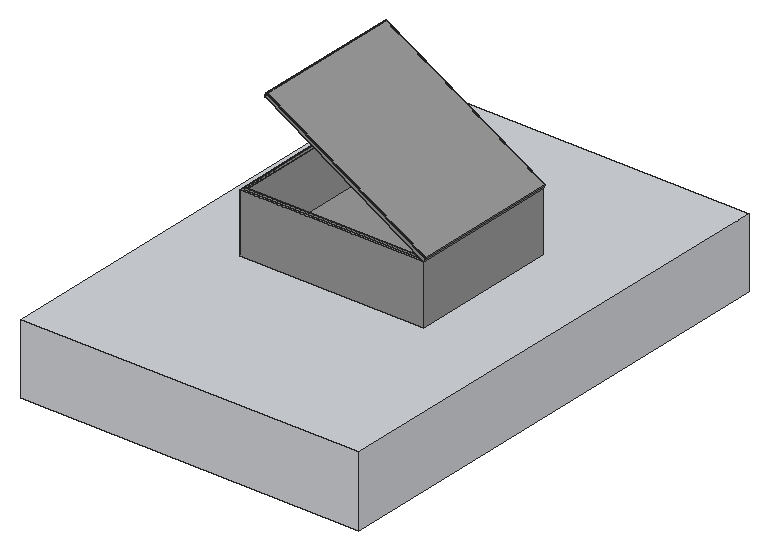
Revit family "Hager-Univers-IP55-D275-H650-Cl.I-Steel_encl-DE-de", category Equipement électrique, Revit 2020
Family settings
  Hôte = Face
  Configuration du panneau = Deux colonnes, circuits au sein
  Cote de connecteur circulaire = Utiliser le diamètre
  Type d'élément = Tableau de raccordement
  Couper avec des vides une fois chargée = Non
  Partagée = Non
  Point de calcul de pièce = Non
Parameters (values of type "Aufputz IP55 B800 H650 T275  - FR43E")
  Width Control [instance] = if([EF000008 - Breite] > Min Width, [EF000008 - Breite], Min Width)  # 800 mm
  Commentaires du type = [HG000003 - Bereich]  # "Univers"
  Thickness Door [instance] = if([EF009171 - Materialstärke Tür/Deckel] > 3 mm, 3 mm, [EF009171 - Materialstärke Tür/Deckel])  # 1.5 mm
  Seal Frame Offset [instance] = 17 mm  # constant formula
  Plinth Visibility [instance] = [HG000027 - Sockelhöhe] > 0 mm  # no
  Model = ""
  Min Width [instance] = 100 mm  # constant formula
  Min Height [instance] = 100 mm  # constant formula
  Min Depth [instance] = (2 * [EF009170 - Materialstärke Gehäuse]) + 1 mm  # 4 mm
  Internal Frame Depth [instance] = (Door System Depth * 0.5)  # 9 mm
  Height Control [instance] = if([EF000040 - Höhe] > Min Height, [EF000040 - Höhe], Min Height)  # 650 mm
  HG000027 - Sockelhöhe = 0 mm
  HG000026 - Stehend auf dem Boden = no
  HG000024 - Höhe des unteren Teils = 800 mm
  HG000023 - Gehäuse mit doppeltem Querschnitt = no
  HG000016 - 3D-Türsichtbarkeit [instance] = yes
  HG000015 - Sichtbarkeit der Türöffnung [instance] = no
  HG000014 - Tür rechts [instance] = yes
  HG000013 - Tür links [instance] = not([HG000014 - Tür rechts])  # no
  HG000012 - Türschwenkwinkel [instance] = 30.00°
  HG000010 - Asymmetrische Türen = no
  HG000009 - Doppelflügeligen Tür = no
  HG000006 - Unterputz = no
  HG000004 - Herstellerreferenz = "FR43E"
  HG000003 - Bereich = "Univers"
  HG000002 - Mit tür = yes
  Frame Offset Bottom [instance] = 10 mm  # constant formula
  Frame Offset [instance] = 15 mm  # constant formula
  EF015940 - Deckel mit Überdruckentlastung = no
  EF011959 - Schutzart (NEMA) = ""
  EF009554 - Anzahl der Öffnungen für Flanschplatten = 6
  Fabricant = "Hager"  # constant formula
  EF009212 - Ausführung Deckel = "EV000116 - geschlossen"
  EF009171 - Materialstärke Tür/Deckel = 1.5 mm
  EF009170 - Materialstärke Gehäuse = 1.5 mm
  EF008873 - Nennstrom (In) = 800 A
  EF007800 - Geeignet für Blitzschutz = no
  EF006306 - Mit Schloss = no
  EF006244 - Transparenter Deckel/Tür = no
  EF005474 - Schutzart (IP) = "EV006420 - IP55"
  EF004464 - Art der Tür = "EV002646 - Einzel"
  EF004427 - Anzahl der Module = 144
  EF004293 - Schlagfestigkeit = "EV008784 - IK10"
  EF003532 - Geeignet für Außengebrauch = no
  EF002950 - Breite in Teilungseinheiten = 24
  EF001613 - Funktionserhalt = "EV000494 - ohne"
  EF001596 - Werkstoff des Gehäuses = "EV000179 - Stahl"
  EF001131 - Innentiefe = 275 mm
  EF001088 - Anbaumöglichkeit = yes
  EF000437 - Anzahl der Leitungseinführungen = 6
  EF000339 - Art der Abdeckung = "EV004216 - Tür"
  EF000266 - Anzahl der Reihen = 4
  EF000218 - Einbautiefe = 0 mm
  EF000118 - Mit Montageplatte = no
  EF000116 - RAL-Nummer = "7035"
  EF000049 - Tiefe = 275 mm
  EF000040 - Höhe = 650 mm
  EF000008 - Breite = 800 mm
  EF000007 - Farbe = "EV000270 - grau"
  EF000003 - Montageart = "EV000384 - Aufputz"
  Door System Leaf Tolerance [instance] = 1.5 mm  # constant formula
  Door System Depth [instance] = 18 mm  # constant formula
  Door Height [instance] = Height Control - [HG000027 - Sockelhöhe]  # 650 mm
  Depth Control [instance] = if([EF000049 - Tiefe] > Min Depth, [EF000049 - Tiefe], Min Depth)  # 275 mm
  Default Elevation = 0 mm
  Connector Offset [instance] = Height Control / 2  # 325 mm
  Bottom Top Plate Trim [instance] = 1.5 mm  # constant formula
  Plinth height Ctrl [instance] = if([HG000027 - Sockelhöhe] > 0 mm, [HG000027 - Sockelhöhe], 12 mm)  # 12 mm
Types (5, lengths in mm): name | Width Control | HG000010 - Asymmetrische Türen | HG000009 - Doppelflügeligen Tür | HG000004 - Herstellerreferenz | EF009554 - Anzahl der Öffnungen für Flanschplatten | EF004464 - Art der Tür | EF004427 - Anzahl der Module | EF000437 - Anzahl der Leitungseinführungen | EF000008 - Breite
  Aufputz IP55 B1050 H650 T275  - FR44E | 1050 | no | yes | "FR44E" | 8 | "EV003602 - Doppel" | 192 | 8 | 1050
  Aufputz IP55 B1300 H650 T275  - FR45E | 1300 | yes | yes | "FR45E" | 10 | "EV003602 - Doppel" | 240 | 10 | 1300
  Aufputz IP55 B300 H650 T275  - FR41E | 300 | no | no | "FR41E" | 2 | "EV002646 - Einzel" | 48 | 2 | 300
  Aufputz IP55 B550 H650 T275  - FR42E | 550 | no | no | "FR42E" | 4 | "EV002646 - Einzel" | 96 | 4 | 550
  Aufputz IP55 B800 H650 T275  - FR43E | 800 | no | no | "FR43E" | 6 | "EV002646 - Einzel" | 144 | 6 | 800
Reference planes
  plane 1 "Center (Front/Back)": y = 0
  plane 2: z = 0
  plane 3 "Center (Left/Right)": x = 0
  plane 4: z = 275
  plane 5: y = 1.5
  plane 6: y = 325
  plane 7: y = 0
  plane 8: y = 650
  plane 9: z = 0
  plane 10: x = -385
  plane 11: x = 385
  plane 12: x = 383.5
  plane 13: x = -383.5
  plane 14: y = 648.5
  plane 15: x = -383
  plane 16: x = -400
  plane 17: x = 383
  plane 18: x = 400
  plane 19: x = 398.5
  plane 20: x = -398.5
  plane 21: y = 11.5
  plane 22: y = 650
  plane 23: y = 633.5
  plane 24: z = 257
  plane 25: z = 1.5
  plane 26: z = 255.5
  plane 27: z = 273.5
Forms (mm)
  Extrusion 1, solid
    sketch origin (0, 0, 0) x (1, 0, 0) y (0, 1, 0)
      loop
        line (-702.964, 1305) -> (-702.964, -811.445) -> (766.763, -811.445) -> (766.763, 1305) -> (-702.964, 1305)
    from 0 to -304.8
  Extrusion 2, solid, material "Hager_Steel_RAL7035_Light_Grey", visible <- "Plinth Visibility", detail levels medium+fine
    sketch origin (0, 0, 0) x (1, 0, 0) y (0, 1, 0)
      loop
        line (-400, 0) -> (400, 0) -> (400, 12) -> (-400, 12) -> (-400, 0)
    from 0 to 257
  Extrusion 3, solid, material "Hager_Steel_RAL7035_Light_Grey", detail levels medium+fine
    sketch origin (0, 0, 0) x (1, 0, 0) y (0, 1, 0)
      loop
        line (-400, 0) -> (400, 0) -> (400, 650) -> (-400, 650) -> (-400, 0)
    from 0 to 257
  Extrusion 4, void
    sketch origin (0, 0, 0) x (1, 0, 0) y (0, 1, 0)
      loop
        line (-398.5, 1.5) -> (398.5, 1.5) -> (398.5, 648.5) -> (-398.5, 648.5) -> (-398.5, 1.5)
    from 1.5 to 255.5
  Extrusion 5, void
    sketch origin (-381.607, -4572, 257) x (0, -1, 0) y (-1, 0, 0)
      loop
        line (-4583.5, 1.893) -> (-5205.5, 1.893) -> (-5205.5, -765.107) -> (-4583.5, -765.107) -> (-4583.5, 1.893)
    from 0 to 1.5 <- "EF009170 - Materialstärke Gehäuse"
  Extrusion 6, solid, material "Hager_Steel_RAL7035_Light_Grey", detail levels fine
    sketch origin (0, 0, 257) x (1, 0, 0) y (0, 1, 0)
      loop
        line (-383.5, 633.5) -> (-383.5, 11.5) -> (383.5, 11.5) -> (383.5, 633.5) -> (-383.5, 633.5)
      loop
        line (-385, 10) -> (385, 10) -> (385, 635) -> (-385, 635) -> (-385, 10)
    from 0 to 9 <- "Internal Frame Depth"
  Extrusion 7, solid, material "Hager_Steel_RAL7035_Light_Grey", detail levels coarse
    sketch origin (0, 0, 0) x (1, 0, 0) y (0, 1, 0)
      loop
        line (-400, 0) -> (400, 0) -> (400, 650) -> (-400, 650) -> (-400, 0)
    from 0 to 275
  Sweep 8, void
    path in 3D
      loop
        line (-400, 12, 0) -> (400, 12, 0) -> (400, 12, 257) -> (-400, 12, 257) -> (-400, 12, 0)
    profile origin (-400, 12, 128.5) x (-1, 0, 0) y (0, -1, 0)
      loop
        line (0, 0) -> (0, 1.5) -> (-1.5, 1.5)
        arc (-1.5, 1.5) -> (-1.061, 0.439) -> (0, 0) r 1.5
Cuts and joins
  Extrusion 4, Extrusion 5 cuts Extrusion 3
  Sweep 8 cuts Extrusion 2
Lines and regions (mm)
  Masking region 1
    outline origin (0, 0, 0) x (1, 0, 0) y (0, 0, 1)
      loop
        line (-400, 275) -> (-400, 0) -> (400, 0) -> (400, 275) -> (-400, 275)
  Masking region 2, detail levels medium+fine
    outline origin (0, 140, 0) x (0, 1, 0) y (0, 0, 1)
      loop
        line (-140, 0) -> (510, 0) -> (510, 257) -> (-140, 257) -> (-140, 0)
  Masking region 3, not visible, detail levels medium+fine
    outline origin (0, 297.922, 0) x (0, 1, 0) y (0, 0, 1)
      loop
        line (38.578, 0) -> (78.578, 0) -> (78.578, 263.5)
        arc (78.578, 263.5) -> (75.649, 270.571) -> (68.578, 273.5) r 10
        line (68.578, 273.5) -> (38.578, 273.5) -> (38.578, 0)
  Masking region 4, detail levels coarse
    outline origin (0, 0, 180) x (0, 1, 0) y (0, 0, 1)
      loop
        line (0, -180) -> (650, -180) -> (650, 95) -> (0, 95) -> (0, -180)
  Masking region 5, visible <- "Plinth Visibility", detail levels medium+fine
    outline origin (0, 52.24, 12.345) x (0, 0, -1) y (0, 1, 0)
      loop
        line (10.845, -40.24) -> (-243.155, -40.24)
        arc (-243.155, -40.24) -> (-243.594, -41.301) -> (-244.655, -41.74) r 1.5
        line (-244.655, -41.74) -> (-244.655, -52.24) -> (12.345, -52.24) -> (12.345, -41.74)
        arc (12.345, -41.74) -> (11.285, -41.301) -> (10.845, -40.24) r 1.5
  Masking region 6, detail levels medium+fine
    outline origin (-381.607, -4572, 257) x (-1, 0, 0) y (0, -1, 0)
      loop
        line (18.393, -5222) -> (18.393, -4572) -> (-781.607, -4572) -> (-781.607, -5222) -> (18.393, -5222)
  Masking region 7, visible <- "Plinth Visibility", detail levels medium+fine
    outline origin (-381.607, -4727, 257) x (-1, 0, 0) y (0, -1, 0)
      loop
        arc (16.893, -4739) -> (17.332, -4737.939) -> (18.393, -4737.5) r 1.5
        line (18.393, -4737.5) -> (18.393, -4727) -> (-781.607, -4727) -> (-781.607, -4737.5)
        arc (-781.607, -4737.5) -> (-780.546, -4737.939) -> (-780.107, -4739) r 1.5
        line (-780.107, -4739) -> (16.893, -4739)
  Masking region 8, detail levels coarse
    outline origin (-442.548, -4669.526, 257) x (-1, 0, 0) y (0, -1, 0)
      loop
        line (-42.548, -5319.526) -> (-42.548, -4669.526) -> (-842.548, -4669.526) -> (-842.548, -5319.526) -> (-42.548, -5319.526)
  sketch lines
    curve 1: line (-400, 12, 257) -> (-400, 12, 0)
    curve 2: line (400, 12, 257) -> (-400, 12, 257)
    curve 3: line (400, 12, 257) -> (400, 12, 0)
    curve 4: line (-400, 12, 0) -> (400, 12, 0)
Dimensions and locks
  "Depth Control": plane 4 to Extrusion 1
  "HG000027 - Sockelhöhe": plane 1 "Center (Front/Back)" to plane 7
  "EF009170 - Materialstärke Gehäuse": plane 5 to plane 7
  locked: connector elem to plane 3 "Center (Left/Right)"
  equal spacing: plane 8, plane 6, plane 7
  locked: connector elem to plane 6
  "EF009170 - Materialstärke Gehäuse": plane 8 to plane 14
  "EF009170 - Materialstärke Gehäuse": plane 10 to plane 13
  "EF009170 - Materialstärke Gehäuse": plane 12 to plane 11
  "Frame Offset": plane 20 to plane 13
  "Frame Offset": plane 12 to plane 19
  "EF009170 - Materialstärke Gehäuse": plane 16 to plane 20
  "EF009170 - Materialstärke Gehäuse": plane 19 to plane 18
  "Seal Frame Offset": plane 16 to plane 15
  "Seal Frame Offset": plane 17 to plane 18
  "Frame Offset Bottom": plane 21 to plane 5
  "Frame Offset": plane 14 to plane 23
  equal spacing: plane 16, plane 3 "Center (Left/Right)", plane 18
  "Width Control": plane 16 to plane 18
  "EF009170 - Materialstärke Gehäuse": plane 4 to plane 27
  "EF009170 - Materialstärke Gehäuse": plane 24 to plane 26
  "EF009170 - Materialstärke Gehäuse": plane 25 to level
  "Door System Depth": plane 4 to plane 24
  "Height Control": plane 1 "Center (Front/Back)" to Extrusion 7 sketch curve
  "Height Control": Masking region 4 sketch curve to plane 1 "Center (Front/Back)"
  "Height Control": plane 1 "Center (Front/Back)" to plane 22
  "Bottom Top Plate Trim": profile plane to Sweep 8 sketch curve
  "Bottom Top Plate Trim": Sweep 8 sketch curve to profile plane
  "Plinth height Ctrl": plane 1 "Center (Front/Back)" to Extrusion 2 sketch curve
  "Plinth height Ctrl": Masking region 5 sketch curve to plane 1 "Center (Front/Back)"
  "Plinth height Ctrl": plane 1 "Center (Front/Back)" to Masking region 7 sketch curve
  "Thickness Door": Extrusion 6 sketch curve to Extrusion 6 sketch curve  (x3)
  "Thickness Door": cut or joined group of Extrusion 3, Extrusion 4, Extrusion 5 to Extrusion 6 sketch curve
  radius of Masking region 3 sketch curve = 10 mm
  "Bottom Top Plate Trim": radius of Masking region 5 sketch curve  (x2)
  "Bottom Top Plate Trim": radius of Sweep 8 sketch curve
  "Bottom Top Plate Trim": radius of Masking region 7 sketch curve  (x2)
  aligned and locked: plane 2 to Extrusion 1
  aligned and locked: level to Extrusion 1
  aligned and locked: level to Masking region 1 sketch curve
  aligned and locked: Masking region 1 sketch curve to plane 18
  aligned and locked: Masking region 1 sketch curve to plane 16
  aligned and locked: plane 7 to Masking region 2 sketch curve
  aligned and locked: level to Masking region 3 sketch curve
  aligned and locked: Masking region 3 sketch curve to plane 27
  aligned and locked: level to Masking region 2 sketch curve
  aligned and locked: plane 1 "Center (Front/Back)" to Extrusion 2 sketch curve
  aligned and locked: Extrusion 3 sketch curve to plane 7
  aligned and locked: plane 16 to Extrusion 3 sketch curve
  aligned and locked: plane 18 to Extrusion 3 sketch curve
  aligned and locked: plane 20 to Extrusion 4 sketch curve
  aligned and locked: plane 19 to Extrusion 4 sketch curve
  aligned and locked: Extrusion 4 sketch curve to plane 5
  aligned and locked: Extrusion 4 to plane 25
  aligned and locked: plane 26 to Extrusion 4
  aligned and locked: plane 24 to Extrusion 3
  aligned and locked: Extrusion 5 sketch curve to plane 21
  aligned and locked: Extrusion 5 sketch curve to plane 13
  aligned and locked: Extrusion 5 sketch curve to plane 12
  aligned and locked: plane 18 to Extrusion 7 sketch curve
  aligned and locked: plane 1 "Center (Front/Back)" to Extrusion 7 sketch curve
  aligned and locked: plane 16 to Extrusion 7 sketch curve
  aligned and locked: plane 4 to Extrusion 7
  aligned and locked: Extrusion 7 to level
  aligned and locked: level to Masking region 4 sketch curve
  aligned and locked: Masking region 4 sketch curve to plane 1 "Center (Front/Back)"
  aligned and locked: Masking region 4 sketch curve to plane 4
  aligned and locked: nested 1 to level
  aligned and locked: nested 1 to plane 16
  aligned and locked: plane 8 to Extrusion 3 sketch curve
  aligned and locked: plane 23 to Extrusion 5 sketch curve
  aligned and locked: plane 14 to Extrusion 4 sketch curve
  aligned and locked: Masking region 2 sketch curve to plane 8
  aligned and locked: level to Masking region 5 sketch curve
  aligned and locked: plane 16 to Extrusion 2 sketch curve
  aligned and locked: plane 18 to Extrusion 2 sketch curve
  aligned and locked: Masking region 5 sketch curve to plane 24
  aligned and locked: Masking region 2 sketch curve to plane 24
  aligned and locked: plane 24 to Extrusion 2
  aligned and locked: profile plane to Sweep 8 sketch curve  (x2)
  aligned and locked: Masking region 6 sketch curve to plane 18
  aligned and locked: Masking region 6 sketch curve to plane 22
  aligned and locked: Masking region 6 sketch curve to plane 16
  aligned and locked: plane 8 to plane 22
  aligned and locked: Masking region 6 sketch curve to plane 7
  aligned and locked: Masking region 7 sketch curve to plane 16
  aligned and locked: Masking region 7 sketch curve to plane 1 "Center (Front/Back)"
  aligned and locked: Masking region 7 sketch curve to plane 18
  aligned and locked: Masking region 8 sketch curve to plane 1 "Center (Front/Back)"
  aligned and locked: Masking region 8 sketch curve to plane 18
  aligned and locked: Masking region 8 sketch curve to plane 22
  aligned and locked: Masking region 8 sketch curve to plane 16
  aligned and locked: nested 2 to plane 7
  aligned and locked: plane 3 "Center (Left/Right)" to nested 2
  aligned and locked: nested 2 to plane 24
  aligned and locked: Extrusion 6 sketch curve to cut or joined group of Extrusion 3, Extrusion 4, Extrusion 5  (x4)
Automatic sketch dimensions
  Extrusion 1 sketch curve to Extrusion 1 sketch curve = 1469.727 mm
  Extrusion 1 sketch curve to Extrusion 1 sketch curve = 2116.445 mm
  Masking region 1 sketch curve to plane 4 = 0 mm
  plane 6 to Masking region 3 sketch curve = 11.5 mm
  Masking region 3 sketch curve to Masking region 3 sketch curve = 30 mm
  Masking region 5 sketch curve to plane 1 "Center (Front/Back)" = 0 mm
Nested families
  nested 1: "Hager_Enclosure_Symbol" at (-400, 0, 0) x (1, 0, 0) z (0, -1, 0), Height <- "Depth Control", Width <- "Width Control", type "Hager_Enclosure_Symbol"
    with Width_Ctrl 800 mm, Width 800 mm, Height_Ctrl 275 mm, Height 275 mm, A_Width_Int 18.047 mm, A_Width 216.562 mm, A_Height_Ctrl 240.625 mm, A_Height 240.625 mm
  nested 2: "EC000058_Univers_Door" at (0, 0, 257) x (1, 0, 0) z (0, 1, 0), Leaf_Tolerance <- "Door System Leaf Tolerance", Angle <- "HG000012 - Türschwenkwinkel", Door_Depth <- "Door System Depth", Door_Left <- "HG000013 - Tür links", Transparent <- "EF006244 - Transparenter Deckel/Tür", Assymetrical <- "HG000010 - Asymmetrische Türen", Width <- "Width Control", Clearance <- "HG000015 - Sichtbarkeit der Türöffnung", Double <- "HG000009 - Doppelflügeligen Tür", 3d_Door <- "HG000016 - 3D-Türsichtbarkeit", Lock_Visibility <- "EF006306 - Mit Schloss", Width_Ctrl <- "Width Control", Door_Right <- "HG000014 - Tür rechts", Door <- "HG000002 - Mit tür", Height <- "Door Height", Thickness <- "Thickness Door", type "EC000058_Univers_Door", detail levels medium+fine
    with min_wh 4 mm, Width_Ctrl 800 mm, Width 800 mm, Transparent no, Thickness 1.5 mm, Seal_Material Hager_Rubber, Lock_Visibility no, Lock_Material Hager_Plastic_RAL9005_Jet_Black, Leaf_Width 800 mm, Leaf_Tolerance_External_Sides 0 mm, Leaf_Tolerance 1.5 mm, Leaf_Offset 0 mm, Leaf_Height 647 mm, Leaf_2_Width 800 mm, Leaf_2_Offset 400 mm, Leaf_1_Width 800 mm, Leaf_1_Offset 400 mm, Height_Ctrl 650 mm, Height 650 mm, Glass_Material Hager_Glass, Double_Clearance_Ctrl no, Double no, Door_Right_Ctrl yes, Door_Right yes, Door_Material Hager_Steel_RAL7035_Light_Grey, Door_Left_Ctrl no, Door_Left no, Door_Depth 18 mm, Door yes, Clearance_Material Hager_Clearance, Clearance_Depth 800 mm, Clearance_Ctrl no, Clearance no, Assymetrical no, Angle 30.00°, 3d_Door yes
Connectors
  electrical at (0, 325, 0)
    settings: on plane 9, index 1, voltage 0 V, apparent load 0 VA, apparent load phase1 0 VA, apparent load phase2 0 VA, apparent load phase3 0 VA, power factor 1, load classification "Other", number of poles 1, system type 30, power factor state 1, is connector primary yes, connector utility no, sub classification motor no, connector description ""
Definition of nested family "EC000058_Univers_Door"
  Parameters (values of type "EC000058_Univers_Door")
    min_wh [instance] = (2 * Thickness) + 1 mm  # 11 mm
    Width_Ctrl [instance] = 400 mm
    Width [instance] = 500 mm
    Transparent [instance] = yes
    Thickness [instance] = 5 mm
    Seal_Material [instance] = none
    Lock_Visibility [instance] = yes
    Lock_Material [instance] = none
    Leaf_Width [instance] = if((Width_Ctrl - 2 * Leaf_Tolerance_External_Sides) > 0 mm, (Width_Ctrl - 2 * Leaf_Tolerance_External_Sides), min_wh)  # 400 mm
    Leaf_Tolerance_External_Sides [instance] = 0 mm  # constant formula
    Leaf_Tolerance [instance] = 1.5 mm
    Leaf_Offset [instance] = 0 mm  # constant formula
    Leaf_Height [instance] = if((Height_Ctrl - 2 * Leaf_Tolerance) > 0 mm, (Height_Ctrl - 2 * Leaf_Tolerance), min_wh)  # 497 mm
    Leaf_2_Width [instance] = if(and(and(Double, Assymetrical), Door_Left), (Leaf_Width / 3) - (Leaf_Tolerance / 2), if(and(and(Double, Assymetrical), Door_Right), (Leaf_Width / 3) * 2 - (Leaf_Tolerance / 2), if(and(Double, not(Assymetrical)), (Leaf_Width / 2) - Leaf_Tolerance, Leaf_Width)))  # 400 mm
    Leaf_2_Offset [instance] = if(and(Double, Assymetrical), Leaf_2_Width / 2, if(and(Double, not(Assymetrical)), Leaf_Width / 4, Leaf_Width / 2))  # 200 mm
    Leaf_1_Width [instance] = if(and(and(Double, Assymetrical), Door_Right), (Leaf_Width / 3) - (Leaf_Tolerance / 2), if(and(and(Double, Assymetrical), Door_Left), (Width / 3) * 2 - (Leaf_Tolerance / 2), if(and(Double, not(Assymetrical)), (Leaf_Width / 2) - Leaf_Tolerance, Leaf_Width)))  # 400 mm
    Leaf_1_Offset [instance] = if(and(Double, Assymetrical), Leaf_1_Width / 2, if(and(Double, not(Assymetrical)), Leaf_Width / 4, Leaf_Width / 2))  # 200 mm
    Height_Ctrl [instance] = if(Height > min_wh, Height, min_wh)  # 500 mm
    Height [instance] = 500 mm
    Glass_Material [instance] = none
    Double_Clearance_Ctrl [instance] = and(Double, Clearance)  # no
    Double [instance] = no
    Door_Right_Ctrl [instance] = and(or(Door_Right, Double), Door)  # yes
    Door_Right [instance] = yes
    Door_Material [instance] = none
    Door_Left_Ctrl [instance] = and(or(Door_Left, Double), Door)  # no
    Door_Left [instance] = no
    Door_Depth [instance] = 30 mm
    Door [instance] = yes
    Default Elevation = 1219.2 mm
    Clearance_Material [instance] = none
    Clearance_Depth [instance] = if(Leaf_1_Width > Leaf_2_Width, Leaf_1_Width, Leaf_2_Width)  # 400 mm
    Clearance_Ctrl [instance] = and(not(Double), Clearance)  # yes
    Clearance [instance] = yes
    Assymetrical [instance] = yes
    Angle [instance] = 30.00°
    3d_Door [instance] = yes
  Reference planes
    plane 1 "Center (Front/Back)": y = 0
    plane 2 "Bottom": z = 0
    plane 3 "Center (Left/Right)": x = 0
    plane 4: z = 500
    plane 5: x = -200
    plane 6: x = 200
    plane 7: z = 500
    plane 8: x = -200
    plane 9: z = 0
    plane 10: x = 200
    plane 11: y = 0
    plane 12: z = 1.5
    plane 13: x = -600
    plane 14: y = -400
    plane 15: x = 600
    plane 16: x = 0
    plane 17: x = 0
    plane 18: x = -200
    plane 19: x = 200
    plane 20: z = 498.5
  Forms (mm)
    Extrusion 1, solid, material <- "Clearance_Material", visible <- "Double_Clearance_Ctrl"
      sketch origin (1200, 0, 0) x (1, 0, 0) y (0, 0, -1)
        loop
          line (-1800, -498.5) -> (-600, -498.5) -> (-600, 0) -> (-1800, 0) -> (-1800, -498.5)
      from 0 to -400
  Dimensions and locks
    equal spacing: plane 5, plane 3 "Center (Left/Right)", plane 6
    "Width_Ctrl": plane 5 to plane 6
    "Leaf_Offset": plane 5 to plane 8
    "Leaf_Offset": plane 6 to plane 10
    "Leaf_Offset": plane 9 to level
    "Leaf_Offset": plane 4 to plane 7
    "Height_Ctrl": plane 4 to level
    "Leaf_Tolerance": plane 12 to plane 9
    locked: plane 11 to plane 1 "Center (Front/Back)"
    "Leaf_1_Offset": plane 18 to plane 16
    "Leaf_2_Offset": plane 17 to plane 19
    "Leaf_1_Width": plane 13 to plane 8
    "Leaf_2_Width": plane 10 to plane 15
    "Clearance_Depth": plane 14 to plane 1 "Center (Front/Back)"
    "Leaf_Tolerance_External_Sides": plane 8 to plane 18
    "Leaf_Tolerance_External_Sides": plane 19 to plane 10
    "Leaf_Tolerance": plane 7 to plane 20
    aligned and locked: level to plane 2 "Bottom"
    aligned and locked: nested 1 to plane 16
    aligned and locked: nested 2 to plane 17
    aligned and locked: Extrusion 1 to plane 13
    aligned and locked: plane 15 to Extrusion 1
    aligned and locked: Extrusion 1 to plane 14
    aligned and locked: plane 12 to nested 1
    aligned and locked: nested 2 to plane 12
    aligned and locked: Extrusion 1 to plane 11
    aligned and locked: plane 20 to Extrusion 1
    aligned and locked: nested 2 to plane 11
    aligned and locked: nested 1 to plane 11
  Automatic sketch dimensions
    Extrusion 1 sketch curve to level = 0 mm
    plane 5 to Extrusion 1 sketch curve = 400 mm
    plane 6 to Extrusion 1 sketch curve = 400 mm
    Extrusion 1 sketch curve to plane 4 = 1.5 mm
  Nested families
    nested 1: "EC000058_Univers_Door_Leaf" at (0, 0, 1.5), Width <- "Leaf_1_Width", visible <- "Door_Left_Ctrl", Leaf_Height <- "Leaf_Height", Angle <- "Angle", 3d_Door <- "3d_Door", Transparent <- "Transparent", Clearance Material <- "Clearance_Material", Clearance <- "Clearance_Ctrl", Door_Material <- "Door_Material", Glass_Material <- "Glass_Material", Door_Depth <- "Door_Depth", Lock_Material <- "Lock_Material", Seal_Material <- "Seal_Material", Lock_Visibility <- "Lock_Visibility", Thickness <- "Thickness", type "EC000058_Univers_Door_Leaf"
      with Width 400 mm, Transparent_Glass_Offset 30 mm, Transparent_Ctrl yes, Transparent yes, Thickness 5 mm, Standard no, Seal_Material none, Seal_D2 8 mm, Seal_D1 1 mm, Offset_Internal_Frame 10 mm, Lock_Width 20 mm, Lock_Visibility_3d yes, Lock_Visibility yes, Lock_Thickness_3 3 mm, Lock_Thickness_2 1 mm, Lock_Thickness_1 3 mm, Lock_Radius_Offset_2 16 mm, Lock_Radius_Offset_1 15 mm, Lock_Radius_2 5 mm, Lock_Radius 6 mm, Lock_Offset 5 mm, Lock_Material none, Lock_Height 80 mm, Lock_Cover_Top_Offset_2d 17 mm, Lock_Cover_Height -65 mm, Leaf_Height 497 mm, Internal_Seal_Thickness 8 mm, Internal_Seal_Depth_2 4.5 mm, Internal_Frame_Depth 25 mm, Glass_Thickness -1 mm, Glass_Offset -2 mm, Glass_Material none, Door_Material none, Door_Depth 30 mm, Clearance Material none, Clearance yes, Angle_Ctrl 30.00°, Angle 30.00°, 3d_Door yes
    nested 2: "EC000058_Univers_Door_Leaf" at (0, 0, 1.5) x (-1, 0, 0) z (0, 0, 1), Width <- "Leaf_2_Width", visible <- "Door_Right_Ctrl", Leaf_Height <- "Leaf_Height", Angle <- "Angle", 3d_Door <- "3d_Door", Transparent <- "Transparent", Clearance Material <- "Clearance_Material", Clearance <- "Clearance_Ctrl", Door_Material <- "Door_Material", Glass_Material <- "Glass_Material", Door_Depth <- "Door_Depth", Lock_Material <- "Lock_Material", Seal_Material <- "Seal_Material", Lock_Visibility <- "Lock_Visibility", Thickness <- "Thickness", type "EC000058_Univers_Door_Leaf"
      with Width 400 mm, Transparent_Glass_Offset 30 mm, Transparent_Ctrl yes, Transparent yes, Thickness 5 mm, Standard no, Seal_Material none, Seal_D2 8 mm, Seal_D1 1 mm, Offset_Internal_Frame 10 mm, Lock_Width 20 mm, Lock_Visibility_3d yes, Lock_Visibility yes, Lock_Thickness_3 3 mm, Lock_Thickness_2 1 mm, Lock_Thickness_1 3 mm, Lock_Radius_Offset_2 16 mm, Lock_Radius_Offset_1 15 mm, Lock_Radius_2 5 mm, Lock_Radius 6 mm, Lock_Offset 5 mm, Lock_Material none, Lock_Height 80 mm, Lock_Cover_Top_Offset_2d 17 mm, Lock_Cover_Height -65 mm, Leaf_Height 497 mm, Internal_Seal_Thickness 8 mm, Internal_Seal_Depth_2 4.5 mm, Internal_Frame_Depth 25 mm, Glass_Thickness -1 mm, Glass_Offset -2 mm, Glass_Material none, Door_Material none, Door_Depth 30 mm, Clearance Material none, Clearance yes, Angle_Ctrl 30.00°, Angle 30.00°, 3d_Door yes
  Definition of nested family "EC000058_Univers_Door_Leaf"
    Parameters (values of type "EC000058_Univers_Door_Leaf")
      Width [instance] = 2000 mm
      Transparent_Glass_Offset [instance] = 30 mm
      Transparent_Ctrl [instance] = and(Transparent, [3d_Door])  # yes
      Transparent [instance] = yes
      Thickness [instance] = 5 mm
      Standard [instance] = and(not(Transparent), [3d_Door])  # no
      Seal_Material [instance] = none
      Seal_D2 [instance] = 8 mm  # constant formula
      Seal_D1 [instance] = 1 mm  # constant formula
      Offset_Internal_Frame [instance] = 10 mm  # constant formula
      Lock_Width [instance] = 20 mm  # constant formula
      Lock_Visibility_3d [instance] = and(Lock_Visibility, [3d_Door])  # yes
      Lock_Visibility [instance] = yes
      Lock_Thickness_3 [instance] = 3 mm  # constant formula
      Lock_Thickness_2 [instance] = 1 mm  # constant formula
      Lock_Thickness_1 [instance] = 3 mm  # constant formula
      Lock_Radius_Offset_2 [instance] = Lock_Radius_Offset_1 + 1 mm  # 16 mm
      Lock_Radius_Offset_1 [instance] = 15 mm  # constant formula
      Lock_Radius_2 [instance] = Lock_Radius - 1 mm  # 5 mm
      Lock_Radius [instance] = 6 mm  # constant formula
      Lock_Offset [instance] = 5 mm  # constant formula
      Lock_Material [instance] = none
      Lock_Height [instance] = 80 mm  # constant formula
      Lock_Cover_Top_Offset_2d [instance] = Lock_Radius_Offset_2 + 1 mm  # 17 mm
      Lock_Cover_Height [instance] = -(Lock_Height - Lock_Radius_Offset_1)  # -65 mm
      Leaf_Height [instance] = 2720.336 mm
      Internal_Seal_Thickness [instance] = 8 mm  # constant formula
      Internal_Seal_Depth_2 [instance] = 4.5 mm  # constant formula
      Internal_Frame_Depth [instance] = if(Door_Depth - Thickness > 5 mm, Door_Depth - Thickness, 5 mm)  # 25 mm
      Glass_Thickness [instance] = if(Thickness > 15 mm, Glass_Offset + 10 mm, -1 mm)  # -1 mm
      Glass_Offset [instance] = if(Thickness > 15 mm, -(Thickness + 10 mm) / 2, -2 mm)  # -2 mm
      Glass_Material [instance] = none
      Door_Material [instance] = none
      Door_Depth [instance] = 30 mm
      Default Elevation = 0 mm
      Clearance Material [instance] = none
      Clearance [instance] = yes
      Angle_Ctrl [instance] = if(Angle > 180.00°, 180.00°, Angle)  # 90.00°
      Angle [instance] = 90.00°
      3d_Door [instance] = yes
    Reference planes
      plane 1 "Center (Front/Back)": y = 0
      plane 2: z = 0
      plane 3 "Center (Left/Right)": x = 0
      plane 4: y = 2000
      plane 5: x = -1000
      plane 6: x = 1000
      plane 7: x = -3000
      plane 8: z = 2720.336
      plane 9: z = 30
      plane 10: z = 2690.336
      plane 11: x = 970
      plane 12: x = -970
      plane 13: y = -3
      plane 14: z = 107.833
      plane 15: y = -5
      plane 16: y = -223.314
      plane 17: x = -1000
      plane 18: z = 1360.168
      plane 19: y = 30
    Forms (mm)
      Extrusion 1, solid, material <- "Clearance Material", visible <- "Clearance"
        sketch origin (0, 0, 0) x (1, 0, 0) y (0, 0, 1)
          loop
            line (-3000, 2720.336) -> (-3000, 0) -> (1000, 0) -> (1000, 2720.336) -> (-3000, 2720.336)
        from 0 to -2000
      Extrusion 2, solid, material <- "Door_Material", visible <- "Standard", detail levels medium+fine
        sketch origin (-1000, 0, 0) x (0, 1, 0) y (-1, 0, 0)
          loop
            line (0, 30) -> (0, 25) -> (2000, 25) -> (2000, 30) -> (0, 30)
        from 0 to 2720.336 <- "Leaf_Height"
      Extrusion 3, solid, material <- "Door_Material", visible <- "Transparent_Ctrl", detail levels medium+fine
        sketch origin (-1000, 0, 0) x (0, 1, 0) y (-1, 0, 0)
          loop
            line (0, 25) -> (2000, 25) -> (2000, 30) -> (0, 30) -> (0, 25)
        from 0 to 2720.336 <- "Leaf_Height"
      Extrusion 4, void
        sketch origin (-1025, 2000, 0) x (0, 1, 0) y (0, 0, -1)
          loop
            line (-30, -2690.336) -> (-30, -30) -> (-1970, -30) -> (-1970, -2690.336) -> (-30, -2690.336)
        from 0 to 5 <- "Thickness"
      Sweep 5, solid, material <- "Seal_Material", visible <- "Transparent_Ctrl", detail levels fine
        path in 3D
          loop
            line (-1025, 30, 30) -> (-1025, 30, 2690.336) -> (-1025, 1970, 2690.336) -> (-1025, 1970, 30) -> (-1025, 30, 30)
        profile origin (-1025, 1000, 30) x (1, 0, 0) y (0, 0, 1)
          loop
            line (0, 0) -> (0, -8) -> (1, -8) -> (1, 0) -> (0, 0)
      Extrusion 6, solid, material <- "Glass_Material", visible <- "Transparent_Ctrl", detail levels medium+fine
        sketch origin (-1030, 0, 0) x (0, 1, 0) y (0, 0, -1)
          loop
            line (1970, -2690.336) -> (1970, -30) -> (30, -30) -> (30, -2690.336) -> (1970, -2690.336)
        from -2 <- "Glass_Offset" to -1 <- "Glass_Thickness"
      Extrusion 7, solid, material <- "Door_Material", visible <- "3d_Door", detail levels medium+fine
        sketch origin (-1025, 2000, 0) x (0, -1, 0) y (0, 0, -1)
          loop
            line (0, -2720.336) -> (2000, -2720.336) -> (2000, 0) -> (0, 0) -> (0, -2720.336)
          loop
            line (1995, -5) -> (5, -5) -> (5, -2715.336) -> (1995, -2715.336) -> (1995, -5)
        from 0 to 25 <- "Internal_Frame_Depth"
      Sweep 8, solid, material <- "Seal_Material", visible <- "Transparent_Ctrl", detail levels fine
        path in 3D
          loop
            line (-1025, 0, 0) -> (-1025, 2000, 0) -> (-1025, 2000, 2720.336) -> (-1025, 0, 2720.336) -> (-1025, 0, 0)
        profile origin (-1025, 0, 1360.168) x (1, 0, 0) y (0, 1, 0)
          loop
            line (0, 10) -> (2.975, 10)
            arc (2.975, 10) -> (4.053, 10.447) -> (4.5, 11.525) r 1.525
            line (4.5, 11.525) -> (4.5, 16.527)
            arc (4.5, 16.527) -> (4.069, 17.569) -> (3.027, 18) r 1.473
            line (3.027, 18) -> (0, 18) -> (0, 10)
      Extrusion 9, solid, material <- "Lock_Material", visible <- "Lock_Visibility_3d", detail levels fine
        sketch origin (-1030, 0, 0) x (0, 1, 0) y (0, 0, -1)
          loop
            arc (1993.5, -1400.168) -> (1994.561, -1399.729) -> (1995, -1398.668) r 1.5
            line (1995, -1398.668) -> (1995, -1320.168) -> (1975, -1320.168) -> (1975, -1398.668)
            arc (1975, -1398.668) -> (1975.439, -1399.729) -> (1976.5, -1400.168) r 1.5
            line (1976.5, -1400.168) -> (1993.5, -1400.168)
        from 3 <- "Lock_Thickness_1" to 0
      Blend 10, solid, material <- "Lock_Material", visible <- "Lock_Visibility_3d", detail levels fine
        base sketch origin (-1033, 0, 0) x (0, 1, 0) y (0, 0, -1)
          loop
            line (1975, -1320.168) -> (1975, -1398.668)
            arc (1975, -1398.668) -> (1975.439, -1399.729) -> (1976.5, -1400.168) r 1.5
            line (1976.5, -1400.168) -> (1993.5, -1400.168)
            arc (1993.5, -1400.168) -> (1994.561, -1399.729) -> (1995, -1398.668) r 1.5
            line (1995, -1398.668) -> (1995, -1320.168) -> (1975, -1320.168)
        top sketch origin (-1033, 0, 0) x (0, 1, 0) y (0, 0, -1)
          loop
            line (1976, -1320.168) -> (1976, -1398.668)
            arc (1976, -1398.668) -> (1976.146, -1399.022) -> (1976.5, -1399.168) r 0.5
            line (1976.5, -1399.168) -> (1993.5, -1399.168)
            arc (1993.5, -1399.168) -> (1993.854, -1399.022) -> (1994, -1398.668) r 0.5
            line (1994, -1398.668) -> (1994, -1320.168) -> (1976, -1320.168)
        from 0 to 1 <- "Lock_Thickness_2"
      Blend 11, solid, material <- "Lock_Material", visible <- "Lock_Visibility_3d", detail levels fine
        base sketch origin (-1034, 0, 0) x (0, 1, 0) y (0, 0, -1)
          loop
            line (1978, -1320.168) -> (1978, -1384.168)
            arc (1978, -1384.168) -> (1985, -1391.168) -> (1992, -1384.168) r 7
            line (1992, -1384.168) -> (1992, -1320.168) -> (1978, -1320.168)
        top sketch origin (-1034, 0, 0) x (0, 1, 0) y (0, 0, -1)
          loop
            line (1991, -1320.168) -> (1979, -1320.168) -> (1979, -1383.168)
            arc (1979, -1383.168) -> (1985, -1389.168) -> (1991, -1383.168) r 6
            line (1991, -1383.168) -> (1991, -1320.168)
        from 0 to 3 <- "Lock_Thickness_3"
      Extrusion 12, solid, material <- "Lock_Material", visible <- "Lock_Visibility_3d", detail levels fine
        sketch origin (-1030, 1975, 1320.168) x (1, 0, 0) y (0, -1, 0)
          loop
            line (-7, -19) -> (-7, -1) -> (0, -1) -> (0, 0) -> (-8, 0) -> (-8, -20) -> (0, -20) -> (0, -19) -> (-7, -19)
        from 0 to -65 <- "Lock_Cover_Height"
      Extrusion 13, void
        sketch origin (-1038, 1995, 1320.168) x (-1, 0, 0) y (0, 0, -1)
          loop
            line (-5, -65) -> (0, -65) -> (-5, -60) -> (-5, -65)
        from 0 to 20 <- "Lock_Width"
      Extrusion 14, void
        sketch origin (-1038, 1975, 1320.168) x (0, -1, 0) y (0, 0, -1)
          loop
            circle (-10, -15.995) r 6
          loop
            circle (-10, -15.995) r 5
        from 0 to 2
      Extrusion 15, solid, material <- "Lock_Material", visible <- "Lock_Visibility_3d", detail levels medium
        sketch origin (-1030, 0, 0) x (0, 1, 0) y (0, 0, -1)
          loop
            arc (1993.5, -1400.168) -> (1994.561, -1399.729) -> (1995, -1398.668) r 1.5
            line (1995, -1398.668) -> (1995, -1320.168) -> (1975, -1320.168) -> (1975, -1398.668)
            arc (1975, -1398.668) -> (1975.439, -1399.729) -> (1976.5, -1400.168) r 1.5
            line (1976.5, -1400.168) -> (1993.5, -1400.168)
        from 8 to 0
    Cuts and joins
      Extrusion 4 cuts Extrusion 3
      Extrusion 13, Extrusion 14 cuts Extrusion 9
      Extrusion 14 cuts Blend 11
      Extrusion 13, Extrusion 14 cuts Extrusion 12
      joined: Extrusion 9, Blend 10, Blend 11, Extrusion 12
      Extrusion 14 cuts Extrusion 15
    Lines and regions (mm)
      Masking region 1, visible <- "Lock_Visibility", detail levels fine
        outline origin (0, 0, 0) x (0, 1, 0) y (0, 0, 1)
          loop
            line (30, 1320.168) -> (33, 1320.168) -> (33, 1400.168) -> (30, 1400.168) -> (30, 1320.168)
      Masking region 2, visible <- "Lock_Visibility", detail levels fine
        outline origin (0, 3.143, 0) x (0, 1, 0) y (0, 0, 1)
          loop
            line (29.857, 1354.168) -> (30.857, 1354.168) -> (30.857, 1366.168) -> (29.857, 1366.168) -> (29.857, 1354.168)
      Masking region 3, detail levels medium+fine
        outline origin (0, 0, 0) x (0, 1, 0) y (0, 0, 1)
          loop
            line (0, 0) -> (30, 0) -> (30, 2720.336) -> (0, 2720.336) -> (0, 0)
      Masking region 4, detail levels medium+fine
        outline origin (0, 0, 0) x (1, 0, 0) y (0, 0, 1)
          loop
            line (-1000, 2720.336) -> (-1000, 0) -> (1000, 0) -> (1000, 2720.336) -> (-1000, 2720.336)
      Masking region 5, visible <- "Lock_Visibility", detail levels fine
        outline origin (-47.116, 0, 0) x (1, 0, 0) y (0, 0, 1)
          loop
            arc (1024.616, 1399.168) -> (1023.556, 1398.729) -> (1023.116, 1397.668) r 1.5
            line (1023.116, 1397.668) -> (1023.116, 1320.168) -> (1041.116, 1320.168) -> (1041.116, 1397.668)
            arc (1041.116, 1397.668) -> (1040.677, 1398.729) -> (1039.616, 1399.168) r 1.5
            line (1039.616, 1399.168) -> (1024.616, 1399.168)
      Masking region 6, visible <- "Lock_Visibility", detail levels medium+fine
        outline origin (-25, 0, 0) x (1, 0, 0) y (0, 0, 1)
          loop
            arc (1001.5, 1400.168) -> (1000.439, 1399.729) -> (1000, 1398.668) r 1.5
            line (1000, 1398.668) -> (1000, 1320.168) -> (1020, 1320.168) -> (1020, 1398.668)
            arc (1020, 1398.668) -> (1019.561, 1399.729) -> (1018.5, 1400.168) r 1.5
            line (1018.5, 1400.168) -> (1001.5, 1400.168)
      Masking region 7, visible <- "Lock_Visibility", detail levels fine
        outline origin (-73.735, 0, 0) x (1, 0, 0) y (0, 0, 1)
          loop
            line (1051.735, 1382.168) -> (1065.735, 1382.168) -> (1065.735, 1384.168)
            arc (1065.735, 1384.168) -> (1058.735, 1391.168) -> (1051.735, 1384.168) r 7
            line (1051.735, 1384.168) -> (1051.735, 1382.168)
      Masking region 8, visible <- "Lock_Visibility", detail levels fine
        outline origin (-73.735, 0, 0) x (1, 0, 0) y (0, 0, 1)
          loop
            line (1052.735, 1382.168) -> (1064.735, 1382.168) -> (1064.735, 1383.168)
            arc (1064.735, 1383.168) -> (1058.735, 1389.168) -> (1052.735, 1383.168) r 6
            line (1052.735, 1383.168) -> (1052.735, 1382.168)
      Masking region 9, visible <- "Lock_Visibility", detail levels fine
        outline origin (-25, 0, 0) x (1, 0, 0) y (0, 0, 1)
          loop
            line (1020, 1320.168) -> (1020, 1382.168) -> (1000, 1382.168) -> (1000, 1320.168) -> (1020, 1320.168)
      Masking region 10, detail levels medium+fine
        outline origin (0, 0, 0) x (1, 0, 0) y (0, 0, 1)
          loop
            circle (985, 1335.144) r 6
      Masking region 11, detail levels fine
        outline origin (0, 0, 0) x (1, 0, 0) y (0, 0, 1)
          loop
            circle (985, 1335.144) r 5
      Masking region 12, visible <- "Lock_Visibility", detail levels fine
        outline origin (0, 12.767, 0) x (0, 1, 0) y (0, 0, 1)
          loop
            line (20.233, 1320.168) -> (21.233, 1320.168) -> (21.233, 1399.168) -> (20.233, 1400.168) -> (20.233, 1320.168)
      Masking region 13, visible <- "Lock_Visibility", detail levels fine
        outline origin (0, 13.767, -10) x (0, 1, 0) y (0, 0, 1)
          loop
            line (20.233, 1330.168) -> (23.233, 1330.168) -> (23.233, 1399.168) -> (20.233, 1402.168) -> (20.233, 1330.168)
      Masking region 14, visible <- "Lock_Visibility", detail levels fine
        outline origin (0, 12.767, -10) x (0, 1, 0) y (0, 0, 1)
          loop
            line (20.233, 1330.168) -> (25.233, 1330.168) -> (25.233, 1399.305) -> (20.233, 1394.305) -> (20.233, 1330.168)
      Masking region 15, visible <- "Lock_Visibility", detail levels medium
        outline origin (0, 0, 0) x (0, 1, 0) y (0, 0, 1)
          loop
            line (30, 1320.168) -> (38, 1320.168) -> (38, 1400.168) -> (30, 1400.168) -> (30, 1320.168)
      Masking region 16, visible <- "Lock_Visibility", detail levels fine
        outline origin (-1000, 0, 0) x (0, 1, 0) y (-1, 0, 0)
          loop
            line (1975, 30) -> (1995, 30) -> (1995, 38) -> (1975, 38) -> (1975, 30)
          loop
            line (1979, 37) -> (1976, 37) -> (1976, 34) -> (1978, 34) -> (1979, 37)
          loop
            line (1994, 37) -> (1991, 37) -> (1992, 34) -> (1994, 34) -> (1994, 37)
      Masking region 17, visible <- "Lock_Visibility", detail levels medium
        outline origin (-1000, 0, 0) x (0, 1, 0) y (-1, 0, 0)
          loop
            line (1975, 30) -> (1995, 30) -> (1995, 38) -> (1975, 38) -> (1975, 30)
      symbolic lines
        curve 1: line (1000, 0, 0) -> (-3000, 0, 0)
        curve 2: arc (1000, 0, 0) -> (-1000, 2000, 0) -> (-3000, 0, 0) r 2000
        curve 4: line (-1030, 0, 0) -> (-1030, 2000, 0)
      reference lines
        curve 3: line (-1000, 0, 0) -> (-1000, 2000, 0)
      symbolic lines, detail levels medium+fine
        curve 5: line (-1030, 2000, 0) -> (-1025, 2000, 0)
        curve 7: line (-1025, 0, 0) -> (-1030, 0, 0)
        curve 8: line (-1025, 0, 0) -> (-1000, 0, 0)
        curve 9: line (-1000, 0, 0) -> (-1000, 2000, 0)
        curve 10: line (-1000, 2000, 0) -> (-1025, 2000, 0)
      symbolic lines, detail levels fine
        curve 6: line (-1025, 2000, 0) -> (-1025, 0, 0)
      sketch lines
        curve 11: line (-1025, 0, 2720.336) -> (-1025, 0, 0)
        curve 12: line (-1025, 2000, 0) -> (-1025, 0, 0)
        curve 13: line (-1025, 2000, 2720.336) -> (-1025, 2000, 0)
        curve 14: line (-1025, 0, 2720.336) -> (-1025, 2000, 2720.336)
        curve 15: line (-1025, 1970, 30) -> (-1025, 30, 30)
        curve 16: line (-1025, 30, 30) -> (-1025, 30, 2690.336)
        curve 17: line (-1025, 1970, 2690.336) -> (-1025, 1970, 30)
        curve 18: line (-1025, 30, 2690.336) -> (-1025, 1970, 2690.336)
      symbolic lines, visible <- "Transparent", detail levels medium+fine
        curve 19: line (-970, 0, 2690.336) -> (970, 0, 2690.336)
        curve 20: line (-970, 0, 30) -> (-970, 0, 2690.336)
        curve 21: line (970, 0, 30) -> (-970, 0, 30)
        curve 22: line (970, 0, 2690.336) -> (970, 0, 30)
    Dimensions and locks
      "Width": plane 1 "Center (Front/Back)" to plane 4
      equal spacing: plane 5, plane 3 "Center (Left/Right)", plane 6
      "Width": plane 5 to plane 6
      "Width": plane 7 to plane 5
      "Leaf_Height": plane 8 to level
      "Width": curve 5 to curve 3
      "Width": curve 3 to curve 3
      plane 8 to plane 10 = 30 mm
      plane 9 to level = 30 mm
      plane 12 to plane 5 = 30 mm
      plane 6 to plane 11 = 30 mm
      Extrusion 1 to Extrusion 4 sketch curve = 30 mm
      "Transparent_Glass_Offset": curve 3 to Extrusion 4 sketch curve
      "Transparent_Glass_Offset": Extrusion 4 sketch curve to cut or joined group of Extrusion 3, Extrusion 4  (x2)
      cut or joined group of Extrusion 3, Extrusion 4 to Extrusion 6 sketch curve = 30 mm
      "Transparent_Glass_Offset": cut or joined group of Extrusion 3, Extrusion 4 to Extrusion 4 sketch curve
      "Thickness": curve 6 to curve 4
      "Thickness": Extrusion 7 sketch curve to Extrusion 7 sketch curve  (x4)
      "Door_Depth": curve 4 to curve 3
      "Offset_Internal_Frame": profile plane to Sweep 8 sketch curve
      "Internal_Seal_Thickness": Sweep 8 sketch curve to Sweep 8 sketch curve
      "Internal_Seal_Depth_2": profile plane to Sweep 8 sketch curve
      "Seal_D1": profile plane to Sweep 5 sketch curve
      "Seal_D2": profile plane to Sweep 5 sketch curve
      "Thickness": Extrusion 2 sketch curve to Extrusion 2 sketch curve
      equal spacing: Extrusion 9 sketch curve, plane 18, Extrusion 9 sketch curve  (x2)
      equal spacing: Masking region 1 sketch curve, plane 18, Masking region 1 sketch curve
      "Lock_Height": Masking region 1 sketch curve to Masking region 1 sketch curve
      "Lock_Radius": Masking region 2 sketch curve to plane 18 to Masking region 2 sketch curve
      Masking region 2 sketch curve to Masking region 1 = 1 mm
      "Door_Depth": plane 19 to plane 1 "Center (Front/Back)"
      "Lock_Thickness_1": Masking region 1 sketch curve to plane 19
      "Lock_Width": Extrusion 9 sketch curve to Extrusion 9 sketch curve
      "Lock_Height": Extrusion 9 sketch curve to Extrusion 9 sketch curve
      "Lock_Offset": cut or joined group of Extrusion 3, Extrusion 4 to Extrusion 9 sketch curve
      equal spacing: plane 8, plane 18, level
      "Lock_Radius_Offset_1": Blend 11 sketch curve to Blend 10
      locked: Blend 10 to Blend 11 sketch curve at 2  (x2)
      locked: var sketch to Blend 11 sketch curve at 1  (x2)
      "Lock_Radius_Offset_2": Blend 11 sketch curve to Blend 10
      locked: Extrusion 12 sketch curve to Extrusion 12 sketch curve at 1  (x3)
      Masking region 6 sketch curve to Masking region 6 sketch curve = 80 mm
      "Lock_Height": Masking region 6 sketch curve to Masking region 6 sketch curve
      "Lock_Width": Masking region 6 sketch curve to Masking region 6 sketch curve
      locked: Masking region 6 to Masking region 5 sketch curve at 1  (x3)
      locked: Masking region 5 to Masking region 7 sketch curve at 2  (x2)
      "Lock_Radius_Offset_1": Masking region 5 to Masking region 7 sketch curve
      "Lock_Radius_Offset_2": Masking region 5 to Masking region 8 sketch curve
      locked: Masking region 7 to Masking region 8 sketch curve at 1  (x2)
      "Lock_Cover_Top_Offset_2d": Masking region 5 to Masking region 9 sketch curve
      equal spacing: Masking region 9, Masking region 10 sketch curve, Masking region 9
      equal spacing: Masking region 9, Masking region 11 sketch curve, Masking region 9
      Extrusion 15 sketch curve to Extrusion 15 sketch curve = 80 mm
      "Lock_Width": Extrusion 15 sketch curve to Extrusion 15 sketch curve
      "Lock_Height": Extrusion 15 sketch curve to Extrusion 15 sketch curve
      equal spacing: Extrusion 15 sketch curve, plane 18, Extrusion 15 sketch curve
      "Lock_Thickness_3": Masking region 13 sketch curve to Masking region 13 sketch curve
      "Lock_Height": Masking region 12 sketch curve to Masking region 12 sketch curve
      locked: Masking region 13 sketch curve to Masking region 1 at 8
      locked: Masking region 14 sketch curve to Masking region 13 at 1
      locked: Masking region 14 sketch curve to Masking region 1 at 10.863
      "Lock_Height": Masking region 15 sketch curve to Masking region 15 sketch curve
      "Lock_Offset": Extrusion 15 sketch curve to cut or joined group of Extrusion 3, Extrusion 4
      "Lock_Offset": plane 6 to Masking region 6 sketch curve
      radius of Sweep 8 sketch curve = 1.525 mm
      radius of Sweep 8 sketch curve = 1.473 mm
      radius of Extrusion 9 sketch curve = 1.5 mm  (x2)
      "Lock_Radius": radius of Extrusion 14 sketch curve
      "Lock_Radius_2": radius of Extrusion 14 sketch curve
      "Lock_Radius": radius of Masking region 10 sketch curve
      "Lock_Radius_2": radius of Masking region 11 sketch curve
      radius of Extrusion 15 sketch curve = 1.5 mm  (x2)
      "Angle_Ctrl": angle plane 1 "Center (Front/Back)" to curve 3
      locked: Masking region 12 sketch curve to Masking region 12 sketch curve (angle 45.00°)
      locked: Masking region 13 sketch curve to Masking region 13 sketch curve (angle 45.00°)
      locked: Masking region 14 sketch curve to Masking region 14 sketch curve (angle 45.00°)
      aligned and locked: level to plane 2
      aligned and locked: Extrusion 1 to curve 1
      aligned and locked: plane 6 to Extrusion 1
      aligned and locked: Extrusion 1 to plane 1 "Center (Front/Back)"
      aligned and locked: plane 4 to Extrusion 1
      aligned and locked: plane 8 to Extrusion 1
      aligned and locked: curve 7 to Extrusion 2 sketch curve
      aligned and locked: curve 5 to Extrusion 2 sketch curve
      aligned and locked: curve 7 to Extrusion 3 sketch curve
      aligned and locked: Extrusion 3 sketch curve to curve 4
      aligned and locked: Extrusion 3 sketch curve to curve 6
      aligned and locked: Extrusion 3 sketch curve to curve 5
      aligned and locked: curve 9 to curve 3
      aligned and locked: Extrusion 7 sketch curve to cut or joined group of Extrusion 3, Extrusion 4  (x4)
      aligned and locked: plane 17 to curve 3
      aligned and locked: plane 1 "Center (Front/Back)" to curve 3
      aligned and locked: plane 17 to plane 5
      aligned and locked: Sweep 8 sketch curve to profile plane
      aligned and locked: Sweep 5 sketch curve to profile plane  (x2)
      aligned and locked: Masking region 1 to Masking region 2 sketch curve
      aligned and locked: plane 19 to Masking region 1 sketch curve
      aligned and locked: plane 1 "Center (Front/Back)" to Masking region 3 sketch curve
      aligned and locked: plane 19 to Masking region 3 sketch curve
      aligned and locked: level to Masking region 3 sketch curve
      aligned and locked: Masking region 3 sketch curve to plane 8
      aligned and locked: plane 17 to Masking region 4 sketch curve
      aligned and locked: level to Masking region 4 sketch curve
      aligned and locked: Masking region 4 sketch curve to plane 8
      aligned and locked: plane 12 to curve 20
      aligned and locked: plane 10 to curve 19
      aligned and locked: plane 11 to curve 22
      aligned and locked: curve 21 to plane 9
      aligned and locked: Extrusion 2 sketch curve to cut or joined group of Extrusion 3, Extrusion 4
      aligned and locked: Blend 10 sketch curve to Extrusion 9  (x4)
      aligned and locked: Extrusion 9 to Blend 10 sketch curve
      aligned and locked: Blend 10 to Blend 11 sketch curve
      aligned and locked: Extrusion 12 sketch curve to Blend 11
      aligned and locked: Extrusion 12 sketch curve to Extrusion 9  (x4)
      aligned and locked: Masking region 5 sketch curve to Masking region 6
      aligned and locked: Masking region 9 sketch curve to Masking region 6  (x3)
      aligned and locked: Masking region 12 sketch curve to Masking region 1
      aligned and locked: Masking region 13 sketch curve to Masking region 1
      aligned and locked: Masking region 12 to Masking region 14
      aligned and locked: Masking region 14 sketch curve to Masking region 1
      aligned and locked: Masking region 15 sketch curve to Masking region 14
      aligned and locked: Masking region 13 sketch curve to Masking region 12
      aligned and locked: Masking region 16 sketch curve to cut or joined group of Extrusion 14, Extrusion 15  (x4)
      aligned and locked: Masking region 16 sketch curve to cut or joined group of Extrusion 9, Blend 10, Blend 11, Extrusion 12, Extrusion 13, Extrusion 14  (x6)
      aligned and locked: cut or joined group of Extrusion 9, Blend 10, Blend 11, Extrusion 12, Extrusion 13, Extrusion 14 to Masking region 16 sketch curve
      aligned and locked: Masking region 17 sketch curve to cut or joined group of Extrusion 14, Extrusion 15  (x3)
      aligned and locked: Masking region 17 sketch curve to cut or joined group of Extrusion 9, Blend 10, Blend 11, Extrusion 12, Extrusion 13, Extrusion 14
      aligned and locked: Masking region 9 to Masking region 8 sketch curve
      aligned and locked: Masking region 9 to Masking region 7 sketch curve
    Automatic sketch dimensions
      plane 1 "Center (Front/Back)" to curve 2 = 0 mm
      curve 2 to plane 5 = 0 mm
      Extrusion 1 sketch curve to level = 0 mm
      Extrusion 1 sketch curve to plane 7 = 0 mm
      Extrusion 1 sketch curve to plane 6 = 0 mm
      Extrusion 1 sketch curve to plane 8 = 0 mm
      Extrusion 3 to Extrusion 6 sketch curve = 30 mm  (x4)
      Masking region 4 sketch curve to plane 6 = 0 mm
      Blend 10 sketch curve to Extrusion 9 = 1.5 mm
      Blend 10 sketch curve to Extrusion 9 = 1 mm
      Extrusion 13 sketch curve to Extrusion 12 = 0 mm  (x2)
      Extrusion 12 to Extrusion 13 sketch curve = 3 mm
      Extrusion 13 sketch curve to Extrusion 12 = 5 mm
      Extrusion 14 sketch curve to Extrusion 14 sketch curve = 0 mm  (x2)
      Extrusion 14 sketch curve to Extrusion 12 = 10 mm
      Extrusion 14 sketch curve to Extrusion 12 = 15.995 mm
      Masking region 5 sketch curve to Masking region 5 sketch curve = 1.5 mm  (x2)
      Masking region 10 sketch curve to plane 18 = 25.024 mm
      Masking region 11 sketch curve to plane 18 = 25.024 mm
      plane 19 to Masking region 14 sketch curve = 3 mm
      Masking region 16 sketch curve to Masking region 16 sketch curve = 3 mm
      curve 4 to curve 3 = 0 mm
      Blend 10 to Blend 11 sketch curve = 0 mm
      Masking region 6 sketch curve to Masking region 6 sketch curve = 1.5 mm  (x2)
      Masking region 6 sketch curve to plane 18 = 40 mm
      plane 19 to Masking region 12 sketch curve = 3 mm
      Masking region 12 sketch curve to Masking region 12 sketch curve = 1 mm
      Masking region 15 sketch curve to plane 19 = 0 mm
      Masking region 15 sketch curve to plane 18 = 40 mm
      radius of Blend 10 sketch curve to Extrusion 9 = 1 mm
Definition of nested family "Hager_Enclosure_Symbol"
  Parameters (values of type "Hager_Enclosure_Symbol")
    Width_Ctrl [instance] = if(Width > 1 mm, Width, 1 mm)  # 102.27 mm
    Width [instance] = 102.27 mm
    Height_Ctrl [instance] = if(Height > 1 mm, Height, 1 mm)  # 66.5 mm
    A_Width_Int [instance] = if(A_Width / 12 > 2 mm, A_Width / 12, 2 mm)  # 4.364 mm
    A_Width [instance] = if(A_Height_Ctrl * 0.9 > 2 mm, A_Height_Ctrl * 0.9, 2 mm)  # 52.369 mm
    A_Height_Ctrl [instance] = if(A_Height > 2 mm, A_Height, 2 mm)  # 58.188 mm
    Height [instance] = 66.5 mm
    A_Height [instance] = Height - (Height / 8)  # 58.188 mm
  Reference planes
    plane 1 "Centre (avant/arrière)": y = 0
    plane 2: z = 0
    plane 3 "Centre (gauche/droite)": x = 0
    plane 4: x = 52.369
    plane 5: y = 33.042
    plane 6: y = 41.77
    plane 7: y = 66.5
    plane 8: x = 26.184
    plane 9: y = 37.406
    plane 10: x = 102.27
    plane 11: y = 66.5
    plane 12: y = 8.313
  Lines and regions (mm)
    Filled region 1, type "Solid_Black", in view "Niveau de réf."
      outline origin (0, 0, 0) x (1, 0, 0) y (0, 1, 0)
        loop
          line (52.369, 66.5) -> (33.188, 54.536) -> (45.365, 45.006) -> (52.369, 66.5)
    Filled region 2, type "Solid_Black", in view "Niveau de réf."
      outline origin (0, 0, 0) x (1, 0, 0) y (0, 1, 0)
        loop
          line (0, 0) -> (102.27, 0) -> (102.27, 66.5) -> (0, 0)
    detail lines, in view "Niveau de réf."
      curve 1: line (0, 8.313, 0) -> (26.184, 41.77, 0)
      curve 2: line (26.184, 41.77, 0) -> (26.184, 33.042, 0)
      curve 3: line (26.184, 33.042, 0) -> (52.369, 66.5, 0)
  Dimensions and locks
    "A_Width": plane 3 "Centre (gauche/droite)" to plane 4
    equal spacing: plane 3 "Centre (gauche/droite)", plane 8, plane 4
    equal spacing: plane 6, plane 9, plane 5
    equal spacing: curve 3, Filled region 1 sketch curve, Filled region 1 sketch curve
    "Height_Ctrl": plane 1 "Centre (avant/arrière)" to plane 11
    "A_Height_Ctrl": plane 11 to plane 12
    equal spacing: plane 11, plane 9, plane 12
    "A_Width_Int": plane 6 to plane 9
    "Width_Ctrl": plane 3 "Centre (gauche/droite)" to plane 10
    angle Filled region 1 sketch curve to curve 3 = 20.00°
    angle curve 3 to Filled region 1 sketch curve = 20.00°
    locked: curve 3 to Filled region 1 sketch curve (angle 90.00°)
    aligned and locked: plane 10 to Filled region 2
    aligned and locked: plane 11 to Filled region 2 sketch curve
    aligned and locked: plane 10 to Filled region 2 sketch curve
    aligned and locked: plane 3 "Centre (gauche/droite)" to curve 1
    aligned and locked: plane 12 to curve 1
    aligned and locked: plane 7 to plane 11
  Automatic sketch dimensions
    Filled region 1 sketch curve to plane 4 = 0 mm
    Filled region 1 sketch curve to plane 7 = 0 mm
    plane 1 "Centre (avant/arrière)" to Filled region 2 sketch curve = 0 mm
    Filled region 2 sketch curve to plane 3 "Centre (gauche/droite)" = 0 mm
    curve 2 to plane 6 = 0 mm
    curve 2 to plane 8 = 0 mm
    curve 3 to plane 4 = 0 mm
    curve 2 to plane 5 = 0 mm
    curve 3 to plane 7 = 0 mm
